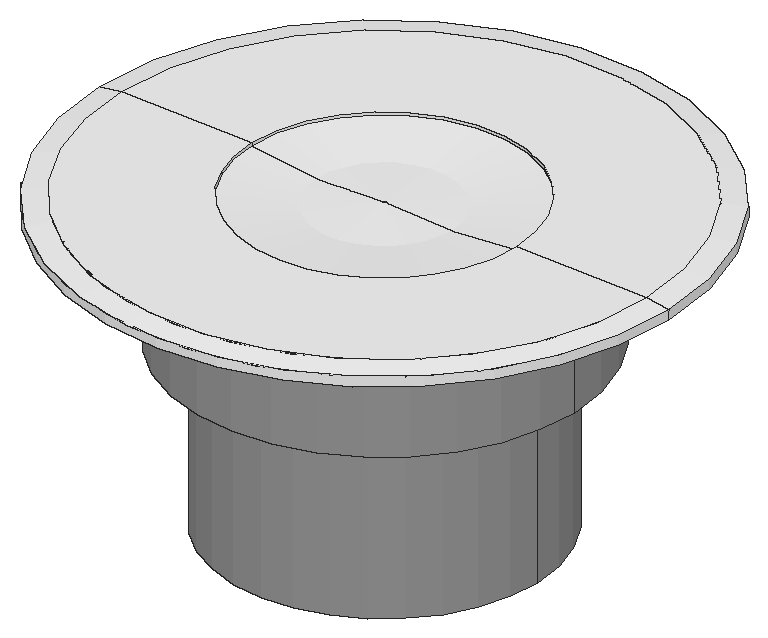
Revit family "Lighting_Outside_L&L-Luce&Light_Moby-2.1", category Lighting Fixtures, host Face, Revit 2020
Family settings
  Host = Face
  Round Connector Dimension = Use Diameter
  Part Type = Normal
  Cut with Voids When Loaded = No
  Light Source = Yes
  Shared = No
  Room Calculation Point = No
Parameters (values of type "MOBY 2.1 L - 2700K 20W 24Vdc")
  ghiera = L&L Luce&Light - Glass
  Youtube clip = ""
  Weight Net (Kg) = "2.25"
  Wattage = 9.2903 W
  Uniformat II Description = "Lighting & Branch Wiring"
  Uniformat II Code = "D5020"
  Uniclass 2015 Name = "Lighting"
  Uniclass 2015 Code = "EF_70_80"
  Uniclass 2.0 Description = "Lighting Systems"
  Uniclass 2.0 Code = "SS-70-80"
  Uniclass 1.4 Description = "Light beam systems"
  Uniclass 1.4 Code = "L762214"
  UNSPSC Code = "3911"
  Technical description = "https://www.lucelight.it/media/prodotti/st/ST_MOBY_21.pdf"
  Region South America = "AR, BO, BR, CL, CO, EC, FK, GF, GY, PE, PY, SR, UY, VE"
  Region Oceania = "AS, AU, CK, FJ, FM, GU, KI, MH, MP, NC, NF, NR, NU, NZ, PF, PG, PN, PW, SB, TK, TL, TO, TV, UM, WF, WS, VU"
  Region North America = "AG, AI, AW, BB, BL, BM, BQ, BS, BZ, CA, CR, CU, CW, DM, DO, GD, GL, GP, GT, HN, HT, JM, KN, KY, LC, MF, MQ, MS, MX, NI, PA, PM, PR, SV, SX, TC, TT, US, VC, VG, VI"
  Region Middle East = "AE, AF, BH, EG, IL, IQ, IR, JO, KW, LB, OM, PS, QA, SA, SY, TR, YE"
  Region Europe = "AD, AL, AT, AX, BA, BE, BG, BY, CH, CY, CZ, DE, DK, EE, ES, FI, FO, FR, GB, GG, GI, GR, HR, HU, IE, IM, IS, IT, JE, LI, LT, LU, LV, MC, MD, ME, MK, MT, NL, NO, PL, PT, RO, RS, RU, SE, SI, SJ, SK, SM, UA, VA"
  Region Asia = "AM, AZ, BD, BN, BT, CC, CN, CX, GE, HK, ID, IN, IO, JP, KG, KH, KP, KR, KZ, LA, LK, MM, MN, MO, MV, MY, NP, PH, PK, SG, TH, TJ, TM, TW, UZ, VN"
  Region Antarctica = "None"
  Region Africa = "AO, BF, BI, BJ, BW, CD, CF, CG, CI, CM, CV, DJ, DZ, EH, ER, ET, GA, GH, GM, GN, GQ, GW, KE, KM, LR, LS, LY, MA, MG, ML, MR, MU, MW, MZ, NA, NE, NG, RE, RW, SC, SD, SH, SL, SN, SO, SS, ST, SZ, TD, TG, TN, TZ, UG, YT, ZA, ZM, ZW"
  QR code = "http://bimobject.com/luce-and-light/product/Moby_21"
  Product url = "http://www.lucelight.it/en/prodotto.php/7624"
  Product group = "Recessed"
  Product family = "Underwater"
  Product data url = "https://bimobject.com/luce-and-light/product/Moby_21"
  Product certification = ""
  Product SKU = "Moby_21"
  Product Guid = "65931ade-d6cb-4a41-b19c-4f04de0301d6"
  OmniClass Description = "Lighting Fixtures"
  OmniClass Code = "23-35 47 11"
  Nominal width = "232 mm"
  Nominal height = "Ø232 mm"
  NBS Reference Description = "Lighting Systems"
  NBS Reference Code = "70-80"
  Material secondary = "Plastic"
  Material main = "Glass"
  Masterformat 2014 Description = "Lighting"
  Masterformat 2014 Code = "26 50 00"
  Manufacturer name = "L&L Luce&Light"
  Manufacturer country = "Italy"
  Luce-Light_lumen-output-at-source = "1522 lm (3000K), RGBW: 884 lm, R: 138 lm G: 259 lm B: 69 lm W: 418 lm (4000K), cyan: 782 lm"
  Luce-Light_Total_flow_rate = ""
  Luce-Light_Screen_material = "glass"
  Luce-Light_Rated_power_input = ""
  Luce-Light_Power_Class = "24Vdc"
  Luce-Light_Power = "20W"
  Luce-Light_Optical_assembly = "22°, 34°, 62°, 31°x64°"
  Luce-Light_Note = ""
  Luce-Light_Mounting = "recessed"
  Luce-Light_LED_light_sources = ""
  Luce-Light_LED_light_intensity = ""
  Luce-Light_LED_colour = "2700K, 3000K, 4000K, RGBW, cyan"
  Luce-Light_IP = "68"
  Luce-Light_IK = "10"
  Luce-Light_Finishes_material = "glass"
  Luce-Light_Color_Rendering_Index_CRI = "≥80"
  Luce-Light_Classification = "CE"
  Luce-Light_Body_material = "thermally conductive plastic, glass cover"
  Luce-Light_Applications = "underwater"
  Luce-Light_Accessories = "honeycomb louvre, outer casing"
  Installation instructions = "https://www.lucelight.it/media/prodotti/si/DIEIMO311_Moby_11-21-31.pdf"
  IFC Classification = "Light Fixture"
  GTIN code = ""
  Edition number = 1
  Dimming Lamp Color Temperature Shift = <None>
  URL = "https://www.lucelight.it/en/"
  built-in parameter 1150107 = 3200 (stored number, unit not read)
  Design country = "Italy"
  Default Elevation = 1219.2 mm
  Manufacturer = "L&L Luce&Light"
  built-in parameter 1150110 = 1 (stored number, unit not read)
  built-in parameter 1150109 = 1 (stored number, unit not read)
  Date of publishing = "12/19/2018"
  Type Comments = ""
  COBIe Type Category = ""
  Brand url = "https://www.lucelight.it/en/"
  built-in parameter 1114218 = 1 (stored number, unit not read)
  built-in parameter 1150112 = 1 (stored number, unit not read)
  Model = "Moby 2.1"
  built-in parameter 1150137 = (empty or 0)
  built-in parameter 1150132 = (empty or 0)
  Lamp = "LED"
  built-in parameter 1150105 = 1229.9 (stored number, unit not read)
  built-in parameter 1150102 = (empty or 0)
  built-in parameter 1150106 = 12.299 (stored number, unit not read)
  Lumens = 1380 lm
  Color Filter = 16777215
  Photometric Web File = "MOBY 2.1 L [2700K 20W 24Vdc].IES"
  built-in parameter 1114217 = 1 (stored number, unit not read)
  built-in parameter 1150139 = (empty or 0)
  built-in parameter 1150104 = 13.8 (stored number, unit not read)
  built-in parameter 1150115 = 1 (stored number, unit not read)
  built-in parameter 1150114 = 1 (stored number, unit not read)
  built-in parameter 1150113 = 1 (stored number, unit not read)
  Diametro apparecchio = 232 mm
  Description = ""
  Wattage Comments = ""
  built-in parameter 1150134 = 3
  built-in parameter 1150138 = (empty or 0)
  built-in parameter 1114216 [instance] = 1 (stored number, unit not read)
  BIMobject main category code = "lighting"
  BIMobject main category = "Lighting"
  BIMobject category code = "lighting-outside"
  BIMobject category = "Outside"
  Assembly Code = ""
  Apparent Load = 9 VA
  Material = L&L Luce&Light - Thermally conductive plastic
  Tilt Angle = 60.00°
  built-in parameter 1150133 = 10 (stored number, unit not read)
Types (20, lengths in mm): name | built-in parameter 1150105 | built-in parameter 1150106 | Photometric Web File
  MOBY 2.1 L - 2700K 20W 24Vdc | 1229.9 (stored number, unit not read) | 12.299 (stored number, unit not read) | "MOBY 2.1 L [2700K 20W 24Vdc].IES"
  MOBY 2.1 L - 3000K 20W 24Vdc | 1229.9 (stored number, unit not read) | 12.299 (stored number, unit not read) | "MOBY 2.1 L [3000K 20W 24Vdc].IES"
  MOBY 2.1 L - 4000K 20W 24Vdc | 1229.9 (stored number, unit not read) | 12.299 (stored number, unit not read) | "MOBY 2.1 L [4000K 20W 24Vdc].IES"
  MOBY 2.1 L - CYAN 20W 24Vdc | 1229.9 (stored number, unit not read) | 12.299 (stored number, unit not read) | "MOBY 2.1 L [CYAN 20W 24Vdc].IES"
  MOBY 2.1 L - RGBW 20W 24Vdc | 1229.9 (stored number, unit not read) | 12.299 (stored number, unit not read) | "MOBY 2.1 L [RGBW 20W 24Vdc].IES"
  MOBY 2.1 M - 2700K 20W 24Vdc | 3162.2 (stored number, unit not read) | 31.622 (stored number, unit not read) | "MOBY 2.1 M [2700K 20W 24Vdc].IES"
  MOBY 2.1 M - 3000K 20W 24Vdc | 3162.2 (stored number, unit not read) | 31.622 (stored number, unit not read) | "MOBY 2.1 M [3000K 20W 24Vdc].IES"
  MOBY 2.1 M - 4000K 20W 24Vdc | 3162.2 (stored number, unit not read) | 31.622 (stored number, unit not read) | "MOBY 2.1 M [4000K 20W 24Vdc].IES"
  MOBY 2.1 M - CYAN 20W 24Vdc | 3162.1 (stored number, unit not read) | 31.621 (stored number, unit not read) | "MOBY 2.1 M [CYAN 20W 24Vdc].IES"
  MOBY 2.1 M - RGBW 20W 24Vdc | 3162.1 (stored number, unit not read) | 31.621 (stored number, unit not read) | "MOBY 2.1 M [RGBW 20W 24Vdc].IES"
  MOBY 2.1 S - 2700K 20W 24Vdc | 7310.7 (stored number, unit not read) | 73.107 (stored number, unit not read) | "MOBY 2.1 S [2700K 20W 24Vdc].IES"
  MOBY 2.1 S - 3000K 20W 24Vdc | 7310.7 (stored number, unit not read) | 73.107 (stored number, unit not read) | "MOBY 2.1 S [3000K 20W 24Vdc].IES"
  MOBY 2.1 S - 4000K 20W 24Vdc | 7310.7 (stored number, unit not read) | 73.107 (stored number, unit not read) | "MOBY 2.1 S [4000K 20W 24Vdc].IES"
  MOBY 2.1 S - CYAN 20W 24Vdc | 7310.7 (stored number, unit not read) | 73.107 (stored number, unit not read) | "MOBY 2.1 S [CYAN 20W 24Vdc].IES"
  MOBY 2.1 S - RGBW 20W 24Vdc | 7310.7 (stored number, unit not read) | 73.107 (stored number, unit not read) | "MOBY 2.1 S [RGBW 20W 24Vdc].IES"
  MOBY 2.1 W - 2700K 20W 24Vdc | 7310.7 (stored number, unit not read) | 73.107 (stored number, unit not read) | "MOBY 2.1 W [2700K 20W 24Vdc].IES"
  MOBY 2.1 W - 3000K 20W 24Vdc | 7310.7 (stored number, unit not read) | 73.107 (stored number, unit not read) | "MOBY 2.1 W [2700K 20W 24Vdc].IES"
  MOBY 2.1 W - 4000K 20W 24Vdc | 7310.7 (stored number, unit not read) | 73.107 (stored number, unit not read) | "MOBY 2.1 W [4000K 20W 24Vdc].IES"
  MOBY 2.1 W - CYAN 20W 24Vdc | 7310.7 (stored number, unit not read) | 73.107 (stored number, unit not read) | "MOBY 2.1 W [CYAN 20W 24Vdc].IES"
  MOBY 2.1 W - RGBW 20W 24Vdc | 7310.7 (stored number, unit not read) | 73.107 (stored number, unit not read) | "MOBY 2.1 W [RGBW 20W 24Vdc].IES"
Reference planes
  plane 1 "Centro (Fronte/Retro)": y = 0
  plane 2: z = 0
  plane 3 "Centro (Sinistra/Destra)": x = 0
Forms (mm)
  Revolve 1, solid, material "L&L Luce&Light - Glass" <- "ghiera"
    sketch origin (0, 0, 0) x (1, 0, 0) y (0, 0, 1)
      loop
        line (-54, 3.68) -> (-107.131, 3.68) -> (-116, 2.43) -> (-116, -1.32) -> (-54, -1.32) -> (-22.125, -7.516) -> (-0.521, -7.516) -> (-0.521, 0.903)
        arc (-0.521, 0.903) -> (-27.318, 0.122) -> (-54, 2.721) r 212.501
        line (-54, 2.721) -> (-54, 3.68)
      axis (0, 3.68) -> (0, -7.516)
    angle from 0 to 360
  Revolve 2, solid, material "Acciaio, qualità superiore"
    sketch origin (0, 0, 0) x (1, 0, 0) y (0, 0, 1)
      loop
        line (-12.943, -134) -> (-2.943, -134) -> (-2.943, -1.32) -> (-77.5, -1.32) -> (-77.5, -48.571) -> (-62.5, -48.571) -> (-62.5, -116) -> (-12.943, -116) -> (-12.943, -134)
      axis (0, -1.32) -> (0, -134)
    angle from 0 to 360
  Revolve 3, solid
    sketch origin (0, 0, 0) x (1, 0, 0) y (0, 0, 1)
      loop
        line (-4.115, -113) -> (-4.115, -118.706) -> (-1.613, -118.706) -> (-1.613, -113) -> (-4.115, -113)
      axis (0, -113) -> (0, -118.706)
    angle from 0 to 360
Dimensions and locks
  aligned and locked: plane 2 to host face
  aligned and locked: level to host face
  aligned and locked: Revolve 1 to Revolve 2 sketch curve
Connectors
  electrical at (0, 0, 0)
    settings: on Revolve 1, index 1, voltage 24 V, apparent load 0 VA, apparent load phase1 9 VA, apparent load phase2 0 VA, apparent load phase3 0 VA, power factor 1, load classification "Altro", number of poles 1, system type 31, power factor state 1, is connector primary yes, connector utility no, sub classification motor no, connector description ""
